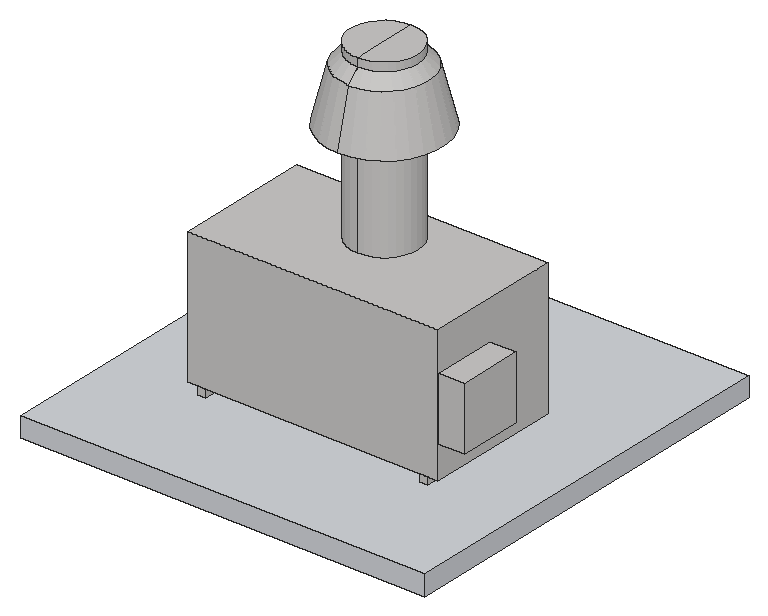
Revit family "DC_Rheem_PLM_Raypak_B1182ID", category Plumbing Fixtures, host Face, Revit 2020
Family settings
  Host = Face
  Round Connector Dimension = Use Radius
  Part Type = Normal
  Cut with Voids When Loaded = No
  Shared = No
  Room Calculation Point = No
Parameters (values of type "Raypak - Gas Water Heater- Indoor - 1186 MJ/h  Natural gas, modulating gas control")
  Width_ANZRS = 825 mm
  URL = "http://www.rheem.com.au/CommercialProducts"
  Type Comments = "Recovery 4558L/h @ 50°C rise\r\n"
  Materials_ANZRS = Raypak - Grey Powder Coated Steel
  PRV_ANZRS = 15 mm
  Model = "B1182NCM/ID\r\n"
  Manufacturer = "Raypak\r\n"
  HotWaterOutletRadius_ANZRS = 32.5 mm
  HotWaterOutletDiameter_ANZRS = HotWaterOutletRadius_ANZRS * 2  # 65 mm
  Height_ANZRS = 1915 mm
  GasInletRadius_ANZRS = 20 mm
  GasInletHeight_ANZRS = 410 mm
  GasInletDiameter_ANZRS = GasInletRadius_ANZRS * 2  # 40 mm
  DesignBy_ANZRS = "Design Content ©"
  Description = "Raypak - Gas Water Heater- Indoor - 1186 MJ/h  Natural gas, modulating gas control"
  Default Elevation = 0 mm
  ConnectionHeight_ANZRS = 755 mm
  ColdWaterInletRadius_ANZRS = 32.5 mm
  ColdWaterInletDiameter_ANZRS = ColdWaterInletRadius_ANZRS * 2  # 65 mm
  BoxHeight_ANZRS = 860 mm
  Author_ANZRS = "DM"
  Assembly Code = ""
Types (5, lengths in mm): name | URL | Type Comments | Model | HotWaterOutletRadius_ANZRS | HotWaterOutletDiameter_ANZRS | GasInletRadius_ANZRS | GasInletDiameter_ANZRS | Description
  (no name) | "http://www.rheem.com.au/downloads/PDF/Raypak_Mechanical_Heating_Brochure_July_09.pdf\r\n" | "Recovery 4128L/h @ 50°C rise\r\n" | "B1182PCO/ID\r\n" | 32.5 | 65 | 16 | 32 | "Raypak - Gas Water Heater- Indoor - 1090 MJ/h  Propane gas, On/Off gas control\r\n"
  Raypak - Gas Water Heater- Indoor - 1186 MJ/h  Natural gas, modulating gas control | "http://www.rheem.com.au/CommercialProducts" | "Recovery 4558L/h @ 50°C rise\r\n" | "B1182NCM/ID\r\n" | 32.5 | 65 | 20 | 40 | "Raypak - Gas Water Heater- Indoor - 1186 MJ/h  Natural gas, modulating gas control"
  Raypak - Gas Water Heater- Indoor - 1186 MJ/h  Natural gas, On/Off gas control | "http://www.rheem.com.au/CommercialProducts" | "Recovery 4558L/h @ 50°C rise\r\n" | "B1182NCO/ID\r\n" | 32.5 | 65 | 20 | 40 | "Raypak - Gas Water Heater- Indoor - 1186 MJ/h  Natural gas, On/Off gas control\r\n"
  Raypak - Gas Water Heater- Indoor - 1090 MJ/h  Propane gas, modulating gas control | "http://www.rheem.com.au/CommercialProducts" | "Recovery 4128L/h @ 50°C rise\r\n" | "B1182PCM/ID\r\n" | 32 | 64 | 10 | 20 | "Raypak - Gas Water Heater- Indoor - 1090 MJ/h  Propane gas, modulating gas control\r\n"
  Raypak - Gas Water Heater- Indoor - 1090 MJ/h  Propane gas, On/Off gas control | "http://www.rheem.com.au/CommercialProducts" | "Recovery 4128L/h @ 50°C rise\r\n" | "B1182PCO/ID\r\n" | 32.5 | 65 | 16 | 32 | "Raypak - Gas Water Heater- Indoor - 1090 MJ/h  Propane gas, On/Off gas control\r\n"
Reference planes
  plane 1 "Center (Front/Back)": y = 0
  plane 2: z = 0
  plane 3 "Center (Left/Right)": x = 0
  plane 4 "H1": z = 1915
  plane 5 "H5": z = 860
  plane 6 "CD 1": z = 755
  plane 7 "CD 6": z = 410
  plane 8 "W3": y = 285
  plane 9 "W4": y = -540
  plane 10 "CD 2": y = 200
  plane 11 "CD 3": y = 135
  plane 12 "CD 4": y = -145
  plane 13 "CD 5": y = -410
  plane 14 "W1": y = 202.5
  plane 15 "W2": y = -202.5
  plane 16: x = -755
  plane 17: x = 755
  plane 18: x = -805
  plane 19 "L1": x = -695
  plane 20 "L2": x = -645
  plane 21 "L3": x = 645
  plane 22 "L4": x = 695
  plane 23: z = 45
  plane 24 "H8": z = 245
  plane 25 "H7": z = 625
  plane 26: x = 915
  plane 27 "H4": z = 1464.364
  plane 28 "H3": z = 1794.164
  plane 29 "H2": z = 1866.464
  plane 30: y = -155
Forms (mm)
  Extrusion 1, solid
    sketch origin (0, 0, 0) x (1, 0, 0) y (0, 1, 0)
      loop
        line (-1219.2, 1219.2) -> (-1219.2, -1219.2) -> (1219.2, -1219.2) -> (1219.2, 1219.2) -> (-1219.2, 1219.2)
    from 0 to -120
  Extrusion 2, solid, material "Raypak - Grey Powder Coated Steel" <- "Materials_ANZRS"
    sketch origin (0, 0, 0) x (1, 0, 0) y (0, 1, 0)
      loop
        line (-755, 285) -> (-755, -540) -> (755, -540) -> (755, 285) -> (-755, 285)
    from 45 to 860
  Revolve 3, solid, material "Raypak - Grey Powder Coated Steel" <- "Materials_ANZRS"
    sketch origin (0, 0, 105) x (0, 1, 0) y (0, 0, 1)
      loop
        line (0, 1810) -> (-202.5, 1810) -> (-202.5, 1761.464) -> (-266.851, 1689.164) -> (-349.003, 1359.364) -> (-202.5, 1359.364) -> (-202.5, 755) -> (0, 755) -> (0, 1810)
      axis (0, 1810) -> (0, 755)
    angle from 0 to 360
  Extrusion 4, void
    sketch origin (0, 0, 0) x (0, 1, 0) y (0, 0, 1)
      loop
        circle (200, 755) r 15
      loop
        circle (135, 755) r 32.5
      loop
        circle (-145, 755) r 32.5
    from -755 to -740.149
  Extrusion 5, solid, material "Raypak - Grey Powder Coated Steel" <- "Materials_ANZRS"
    sketch origin (0, 0, 0) x (0, 1, 0) y (0, 0, 1)
      loop
        circle (-410, 410) r 20
    from -805 to -755
  Extrusion 6, solid, material "Raypak - Grey Powder Coated Steel" <- "Materials_ANZRS"
    sketch origin (0, 0, 0) x (1, 0, 0) y (0, 0, 1)
      loop
        line (-645, 0) -> (-645, 45) -> (-695, 45) -> (-695, 0) -> (-645, 0)
      loop
        line (695, 0) -> (695, 45) -> (645, 45) -> (645, 0) -> (695, 0)
    from -285 to 540
  Extrusion 7, solid, material "Raypak - Grey Powder Coated Steel" <- "Materials_ANZRS"
    sketch origin (0, 0, 0) x (1, 0, 0) y (0, 0, 1)
      loop
        line (755, 625) -> (755, 245) -> (915, 245) -> (915, 625) -> (755, 625)
    from 155 to 540
Cuts and joins
  Extrusion 4 cuts Extrusion 2
Lines and regions (mm)
  Masking region 1
    outline origin (0, 0, 0) x (1, 0, 0) y (0, 1, 0)
      loop
        line (-755, -540) -> (755, -540) -> (915, -540) -> (915, -155) -> (755, -155) -> (755, 285) -> (201.441, 285)
        arc (201.441, 285) -> (105.682, 332.618) -> (0, 349.003) r 349.003
        arc (0, 349.003) -> (-105.682, 332.618) -> (-201.441, 285) r 349.003
        line (-201.441, 285) -> (-755, 285) -> (-755, -540)
  Masking region 2
    outline origin (0, 0, 0) x (0, 1, 0) y (0, 0, 1)
      loop
        line (-202.5, 1915) -> (-202.5, 1866.464) -> (-266.851, 1794.164) -> (-349.079, 1464.364) -> (-202.5, 1464.364) -> (-202.5, 860) -> (-540, 860) -> (-540, 0) -> (285, 0) -> (285, 860) -> (202.5, 860) -> (202.5, 1464.364) -> (349.079, 1464.364) -> (266.851, 1794.164) -> (202.5, 1866.464) -> (202.5, 1915) -> (-202.5, 1915)
  Masking region 3
    outline origin (0, 0, 0) x (1, 0, 0) y (0, 0, 1)
      loop
        line (-202.5, 1915) -> (-202.5, 1866.464) -> (-266.851, 1794.164) -> (-349.079, 1464.364) -> (-202.039, 1464.364) -> (-202.039, 860) -> (-755, 860) -> (-755, 45) -> (-695, 45) -> (-695, 0) -> (-645, 0) -> (-645, 45) -> (645, 45) -> (645, 0) -> (695, 0) -> (695, 45) -> (755, 45) -> (755, 245) -> (915, 245) -> (915, 625) -> (755, 625) -> (755, 860) -> (204.539, 860) -> (204.539, 1464.364) -> (349.079, 1464.364) -> (266.851, 1794.164) -> (203.249, 1866.464) -> (203.249, 1915) -> (0, 1915) -> (-202.5, 1915)
  symbolic lines, style "Rheem Raypak", detail levels fine
    curve 1: line (0, 285, 0) -> (0, 285, 860)
    curve 2: line (0, 285, 860) -> (0, -540, 860)
    curve 3: line (0, -540, 860) -> (0, -540, 0)
    curve 4: line (0, -349.079, 1464.364) -> (0, 349.079, 1464.364)
    curve 5: line (0, -202.5, 1915) -> (0, 202.5, 1915)
    curve 6: line (0, 266.851, 1794.164) -> (0, -266.851, 1794.164)
    curve 7: line (0, 202.5, 1866.464) -> (0, -202.5, 1866.464)
    curve 8: arc (0, 102.5, 755) -> (0, 135, 722.5) -> (0, 167.5, 755) r 32.5
    curve 9: arc (0, 167.5, 755) -> (0, 135, 787.5) -> (0, 102.5, 755) r 32.5
    curve 10: arc (0, 185, 755) -> (0, 200, 740) -> (0, 215, 755) r 15
    curve 11: arc (0, 215, 755) -> (0, 200, 770) -> (0, 185, 755) r 15
    curve 12: arc (0, -177.5, 755) -> (0, -145, 722.5) -> (0, -112.5, 755) r 32.5
    curve 13: arc (0, -112.5, 755) -> (0, -145, 787.5) -> (0, -177.5, 755) r 32.5
    curve 14: arc (0, -390, 410) -> (0, -410, 390) -> (0, -430, 410) r 20
    curve 15: arc (0, -430, 410) -> (0, -410, 430) -> (0, -390, 410) r 20
    curve 16: line (0, 349.079, 1464.364) -> (0, 266.851, 1794.164)
    curve 17: line (0, -266.851, 1794.164) -> (0, -349.079, 1464.364)
    curve 18: line (0, 202.5, 1866.464) -> (0, 266.851, 1794.164)
    curve 19: line (0, -266.851, 1794.164) -> (0, -202.5, 1866.464)
    curve 20: line (0, -540, 45) -> (0, 285, 45)
    curve 21: line (0, -540, 0) -> (0, 285, 0)
    curve 22: line (-202.5, 0, 1915) -> (203.249, 0, 1915)
    curve 23: line (-202.5, 0, 1866.464) -> (203.249, 0, 1866.464)
    curve 24: line (-266.851, 0, 1794.164) -> (266.851, 0, 1794.164)
    curve 25: line (-349.079, 0, 1464.364) -> (349.079, 0, 1464.364)
    curve 26: line (755, 0, 860) -> (-755, 0, 860)
    curve 27: line (-755, 0, 45) -> (755, 0, 45)
    curve 28: line (645, 0, 0) -> (695, 0, 0)
    curve 29: line (-695, 0, 0) -> (-645, 0, 0)
    curve 30: line (915, 0, 625) -> (755, 0, 625)
    curve 31: line (755, 0, 245) -> (915, 0, 245)
    curve 32: line (915, 0, 245) -> (915, 0, 625)
    curve 33: line (204.539, 0, 1464.364) -> (204.539, 0, 860)
    curve 34: line (349.079, 0, 1464.364) -> (266.851, 0, 1794.164)
    curve 35: line (203.249, 0, 1915) -> (203.249, 0, 1866.464)
    curve 36: line (-202.5, 0, 1915) -> (-202.5, 0, 1866.464)
    curve 37: line (-349.079, 0, 1464.364) -> (-266.851, 0, 1794.164)
    curve 38: line (-202.039, 0, 1464.364) -> (-202.039, 0, 860)
    curve 39: line (-695, 0, 45) -> (-695, 0, 0)
    curve 40: line (-645, 0, 0) -> (-645, 0, 45)
    curve 41: line (695, 0, 0) -> (695, 0, 45)
    curve 42: line (645, 0, 45) -> (645, 0, 0)
    curve 43: line (-805, 0, 425) -> (-805, 0, 395)
    curve 44: line (-805, 0, 425) -> (-755, 0, 425)
    curve 45: line (-805, 0, 395) -> (-755, 0, 395)
    curve 46: arc (0, -349.003, 0) -> (349.003, 0, 0) -> (0, 349.003, 0) r 349.003
    curve 47: arc (0, 349.003, 0) -> (-349.003, 0, 0) -> (0, -349.003, 0) r 349.003
    curve 48: arc (0, -202.5, 0) -> (-202.5, 0, 0) -> (0, 202.5, 0) r 202.5
    curve 49: arc (0, -266.851, 0) -> (-266.851, 0, 0) -> (0, 266.851, 0) r 266.851
    curve 50: arc (0, 202.5, 0) -> (202.5, 0, 0) -> (0, -202.5, 0) r 202.5
    curve 51: arc (0, 266.851, 0) -> (266.851, 0, 0) -> (0, -266.851, 0) r 266.851
    curve 52: line (755, 285, 0) -> (201.441, 285, 0)
    curve 53: line (-755, 285, 0) -> (-755, -540, 0)
    curve 54: line (-755, -540, 0) -> (755, -540, 0)
    curve 55: line (755, -540, 0) -> (755, 285, 0)
    curve 56: line (915, -540, 0) -> (915, -155, 0)
    curve 57: line (915, -155, 0) -> (755, -155, 0)
    curve 58: line (755, -540, 0) -> (915, -540, 0)
    curve 59: line (-805, -395, 0) -> (-805, -425, 0)
    curve 60: line (-805, -395, 0) -> (-755, -395, 0)
    curve 61: line (-805, -425, 0) -> (-755, -425, 0)
    curve 62: line (0, 202.5, 1915) -> (0, 202.5, 1866.464)
    curve 63: line (0, -202.5, 1915) -> (0, -202.5, 1866.464)
    curve 64: line (0, 202.5, 1464.364) -> (0, 202.5, 860)
    curve 65: line (0, -202.5, 1464.364) -> (0, -202.5, 860)
    curve 66: line (-755, 0, 860) -> (-755, 0, 45)
    curve 67: line (755, 0, 45) -> (755, 0, 860)
    curve 68: line (-201.441, 285, 0) -> (-755, 285, 0)
  symbolic lines, style "Rheem Raypak"
    curve 69: line (-266.851, 0, 1794.164) -> (-202.5, 0, 1866.464)
    curve 70: line (203.249, 0, 1866.464) -> (266.851, 0, 1794.164)
Dimensions and locks
  "Height_ANZRS": plane 4 "H1" to level
  "BoxHeight_ANZRS": plane 5 "H5" to level
  "ConnectionHeight_ANZRS": plane 6 "CD 1" to Extrusion 1
  "GasInletHeight_ANZRS": plane 7 "CD 6" to level
  plane 8 "W3" to plane 9 "W4" = 825 mm
  plane 8 "W3" to plane 10 "CD 2" = 85 mm
  plane 8 "W3" to plane 11 "CD 3" = 150 mm
  plane 11 "CD 3" to plane 12 "CD 4" = 280 mm
  plane 13 "CD 5" to plane 9 "W4" = 130 mm
  plane 1 "Center (Front/Back)" to plane 9 "W4" = 540 mm
  locked: plane 18 to plane 16 at 50
  plane 19 "L1" to plane 16 = 60 mm
  locked: plane 20 "L2" to plane 19 "L1" at 50
  plane 17 to plane 22 "L4" = 60 mm
  locked: plane 22 "L4" to plane 21 "L3" at 50
  plane 23 to level = 45 mm
  plane 24 "H8" to level = 245 mm
  plane 25 "H7" to plane 24 "H8" = 380 mm
  locked: plane 17 to plane 26 at 160
  plane 4 "H1" to plane 29 "H2" to plane 28 "H3" to plane 27 "H4" = 48.536 mm locked, 72.3 mm locked, 329.8 mm locked
  equal spacing: plane 17, plane 3 "Center (Left/Right)", plane 16
  plane 17 to plane 16 = 1510 mm
  "GasInletRadius_ANZRS": radius of Extrusion 5 sketch curve
  "HotWaterOutletRadius_ANZRS": radius of Extrusion 4 sketch curve
  "ColdWaterInletRadius_ANZRS": radius of Extrusion 4 sketch curve
  "PRV_ANZRS": radius of Extrusion 4 sketch curve
  aligned and locked: plane 2 to Extrusion 1
  aligned and locked: level to Extrusion 1
  aligned and locked: plane 8 "W3" to Extrusion 2 sketch curve
  aligned and locked: plane 16 to Extrusion 2 sketch curve
  aligned and locked: plane 9 "W4" to Extrusion 2 sketch curve
  aligned and locked: plane 17 to Extrusion 2 sketch curve
  aligned and locked: plane 5 "H5" to Extrusion 2
  aligned and locked: Revolve 3 sketch curve to plane 1 "Center (Front/Back)"
  aligned and locked: plane 11 "CD 3" to Extrusion 4 sketch curve
  aligned and locked: plane 10 "CD 2" to Extrusion 4 sketch curve
  aligned and locked: plane 6 "CD 1" to Extrusion 4 sketch curve  (x3)
  aligned and locked: Extrusion 4 to plane 16
  aligned and locked: plane 7 "CD 6" to Extrusion 5 sketch curve
  aligned and locked: plane 13 "CD 5" to Extrusion 5 sketch curve
  aligned and locked: plane 16 to Extrusion 5
  aligned and locked: Extrusion 5 to plane 18
  aligned and locked: Extrusion 2 to plane 23
  aligned and locked: level to Extrusion 6 sketch curve  (x2)
  aligned and locked: Extrusion 6 sketch curve to plane 20 "L2"
  aligned and locked: Extrusion 6 sketch curve to plane 23  (x2)
  aligned and locked: plane 19 "L1" to Extrusion 6 sketch curve
  aligned and locked: Extrusion 6 sketch curve to plane 22 "L4"
  aligned and locked: plane 21 "L3" to Extrusion 6 sketch curve
  aligned and locked: Extrusion 6 to plane 8 "W3"
  aligned and locked: Extrusion 6 to plane 9 "W4"
  aligned and locked: Extrusion 7 sketch curve to plane 25 "H7"
  aligned and locked: Extrusion 7 sketch curve to plane 26
  aligned and locked: Extrusion 7 sketch curve to plane 24 "H8"
  aligned and locked: cut or joined group of Extrusion 2, Extrusion 4 to Extrusion 7 sketch curve
  aligned and locked: Extrusion 7 to plane 9 "W4"
  aligned and locked: plane 12 "CD 4" to Extrusion 4 sketch curve
  aligned and locked: Revolve 3 sketch curve to plane 4 "H1"
  aligned and locked: plane 5 "H5" to Revolve 3 sketch curve
  aligned and locked: plane 27 "H4" to Revolve 3 sketch curve
  aligned and locked: plane 29 "H2" to Revolve 3 sketch curve
  aligned and locked: curve 1 to cut or joined group of Extrusion 2, Extrusion 4
  aligned and locked: curve 2 to cut or joined group of Extrusion 2, Extrusion 4
  aligned and locked: curve 3 to cut or joined group of Extrusion 2, Extrusion 4
  aligned and locked: curve 4 to Revolve 3
  aligned and locked: Revolve 3 to curve 5
  aligned and locked: curve 6 to Revolve 3
  aligned and locked: Revolve 3 to curve 7
  aligned and locked: curve 8 to cut or joined group of Extrusion 2, Extrusion 4
  aligned and locked: curve 9 to cut or joined group of Extrusion 2, Extrusion 4
  aligned and locked: curve 10 to cut or joined group of Extrusion 2, Extrusion 4
  aligned and locked: curve 11 to cut or joined group of Extrusion 2, Extrusion 4
  aligned and locked: curve 12 to cut or joined group of Extrusion 2, Extrusion 4
  aligned and locked: curve 13 to cut or joined group of Extrusion 2, Extrusion 4
  aligned and locked: curve 14 to Extrusion 5
  aligned and locked: curve 15 to Extrusion 5
  aligned: Revolve 3 to curve 17
  aligned and locked: Revolve 3 to curve 19
  aligned and locked: curve 20 to cut or joined group of Extrusion 2, Extrusion 4
  aligned and locked: curve 21 to Extrusion 6
  aligned and locked: curve 22 to Revolve 3
  aligned and locked: curve 23 to plane 29 "H2"
  aligned and locked: curve 24 to plane 28 "H3"
  aligned and locked: curve 25 to Revolve 3
  aligned and locked: curve 26 to cut or joined group of Extrusion 2, Extrusion 4
  aligned and locked: curve 27 to cut or joined group of Extrusion 2, Extrusion 4
  aligned and locked: curve 28 to Extrusion 6
  aligned and locked: curve 29 to Extrusion 6
  aligned and locked: curve 30 to Extrusion 7
  aligned and locked: curve 31 to Extrusion 7
  aligned and locked: curve 32 to Extrusion 7
  aligned and locked: plane 5 "H5" to curve 38
  aligned and locked: plane 27 "H4" to curve 38
  aligned and locked: curve 39 to Extrusion 6
  aligned and locked: curve 40 to Extrusion 6
  aligned and locked: curve 41 to Extrusion 6
  aligned and locked: curve 42 to Extrusion 6
  aligned and locked: Extrusion 5 to curve 43
  aligned and locked: curve 46 to Revolve 3
  aligned and locked: curve 47 to Revolve 3
  aligned and locked: curve 48 to Revolve 3
  aligned and locked: curve 49 to Revolve 3
  aligned and locked: curve 50 to Revolve 3
  aligned and locked: curve 51 to Revolve 3
  aligned and locked: curve 52 to cut or joined group of Extrusion 2, Extrusion 4
  aligned and locked: curve 53 to cut or joined group of Extrusion 2, Extrusion 4
  aligned and locked: curve 54 to cut or joined group of Extrusion 2, Extrusion 4
  aligned and locked: curve 55 to cut or joined group of Extrusion 2, Extrusion 4
  aligned and locked: curve 56 to Extrusion 7
  aligned and locked: curve 57 to Extrusion 7
  aligned and locked: curve 58 to Extrusion 7
  aligned and locked: Extrusion 5 to curve 59
  aligned: curve 62 to Revolve 3
  aligned: curve 63 to Revolve 3
  aligned and locked: plane 14 "W1" to curve 64
  aligned and locked: curve 65 to plane 15 "W2"
  aligned and locked: Masking region 1 sketch curve to curve 54
  aligned and locked: Masking region 1 sketch curve to curve 58
  aligned and locked: Masking region 1 sketch curve to curve 56
  aligned and locked: Masking region 1 sketch curve to curve 57
  aligned and locked: curve 55 to Masking region 1 sketch curve
  aligned and locked: Masking region 1 sketch curve to curve 52
  aligned and locked: Masking region 1 sketch curve to curve 47
  aligned and locked: Masking region 1 sketch curve to curve 46
  aligned and locked: Masking region 1 sketch curve to curve 68
  aligned and locked: Masking region 1 sketch curve to curve 53
  aligned and locked: plane 28 "H3" to Revolve 3 sketch curve
  aligned and locked: plane 15 "W2" to Revolve 3 sketch curve
  aligned and locked: Masking region 2 sketch curve to curve 5
  aligned and locked: Masking region 2 sketch curve to curve 62
  aligned and locked: Masking region 2 sketch curve to curve 18
  aligned and locked: Masking region 2 sketch curve to curve 16
  aligned and locked: Masking region 2 sketch curve to curve 4
  aligned and locked: Masking region 2 sketch curve to curve 17
  aligned and locked: Masking region 2 sketch curve to curve 19
  aligned and locked: Masking region 2 sketch curve to curve 63
  aligned and locked: Masking region 2 sketch curve to curve 64
  aligned and locked: Masking region 2 sketch curve to curve 65
  aligned and locked: Masking region 2 sketch curve to curve 1
  aligned and locked: Masking region 2 sketch curve to curve 2
  aligned and locked: Masking region 2 sketch curve to curve 3
  aligned and locked: Masking region 2 sketch curve to curve 21
  aligned and locked: Masking region 3 sketch curve to Revolve 3  (x3)
  aligned and locked: Masking region 3 sketch curve to curve 36
  aligned and locked: Masking region 3 sketch curve to curve 69
  aligned and locked: Masking region 3 sketch curve to curve 37
  aligned and locked: Masking region 3 sketch curve to curve 38
  aligned and locked: Masking region 3 sketch curve to cut or joined group of Extrusion 2, Extrusion 4  (x4)
  aligned and locked: Masking region 3 sketch curve to Extrusion 6  (x6)
  aligned and locked: Masking region 3 sketch curve to Extrusion 7  (x3)
  aligned and locked: Masking region 3 sketch curve to curve 33
  aligned and locked: Revolve 3 to Masking region 3 sketch curve
  aligned and locked: Masking region 3 sketch curve to curve 34
  aligned and locked: Masking region 3 sketch curve to curve 70
  aligned and locked: Masking region 3 sketch curve to curve 35
Automatic sketch dimensions
  Extrusion 1 sketch curve to Extrusion 1 sketch curve = 2438.4 mm  (x2)
  Masking region 1 sketch curve to plane 17 = 0 mm
  Revolve 3 sketch curve to plane 1 "Center (Front/Back)" = 0 mm
  Revolve 3 sketch curve to plane 13 "CD 5" = 60.997 mm
  Revolve 3 sketch curve to Revolve 3 sketch curve = 310 mm
  Revolve 3 sketch curve to Revolve 3 sketch curve = 130 mm
  Revolve 3 sketch curve to plane 15 "W2" = 0 mm
  Revolve 3 sketch curve to plane 15 "W2" = 64.351 mm
  curve 20 to plane 9 "W4" = 0 mm
  curve 17 to plane 27 "H4" = 0 mm
  curve 7 to plane 15 "W2" = 0 mm
  curve 18 to plane 14 "W1" = 0 mm
  curve 16 to plane 28 "H3" = 0 mm
  curve 1 to level = 0 mm
  curve 1 to plane 8 "W3" = 0 mm
  curve 65 to plane 5 "H5" = 0 mm
  curve 19 to plane 29 "H2" = 0 mm
  curve 5 to plane 4 "H1" = 0 mm
  curve 17 to plane 13 "CD 5" = 60.921 mm
  curve 6 to plane 15 "W2" = 64.351 mm
  plane 8 "W3" to curve 16 = 18.149 mm
  curve 4 to plane 8 "W3" = 64.079 mm
  Masking region 2 sketch curve to plane 27 "H4" = 0 mm
  Masking region 2 sketch curve to plane 5 "H5" = 0 mm
  Masking region 3 sketch curve to plane 3 "Center (Left/Right)" = 0 mm
  Masking region 3 sketch curve to plane 29 "H2" = 0 mm
  Masking region 3 sketch curve to plane 27 "H4" = 0 mm
  Masking region 3 sketch curve to plane 5 "H5" = 0 mm
  plane 17 to Masking region 3 sketch curve = 0 mm
  Masking region 3 sketch curve to plane 23 = 0 mm  (x2)
  curve 43 to plane 18 = 0 mm
  curve 27 to plane 16 = 0 mm
  curve 39 to plane 19 "L1" = 0 mm
  curve 40 to level = 0 mm
  curve 40 to plane 20 "L2" = 0 mm
  curve 22 to plane 4 "H1" = 0 mm
  curve 42 to plane 21 "L3" = 0 mm
  curve 28 to level = 0 mm
  curve 28 to plane 22 "L4" = 0 mm
  plane 17 to curve 27 = 0 mm
  curve 32 to plane 25 "H7" = 0 mm
  curve 32 to plane 26 = 0 mm
  curve 42 to plane 23 = 0 mm
  curve 31 to plane 24 "H8" = 0 mm
  plane 20 "L2" to curve 25 = 295.921 mm
  curve 69 to plane 3 "Center (Left/Right)" = 266.851 mm
  curve 24 to curve 69 = 64.351 mm
  curve 38 to plane 3 "Center (Left/Right)" = 202.039 mm
  plane 3 "Center (Left/Right)" to curve 70 = 203.249 mm
  plane 3 "Center (Left/Right)" to curve 33 = 204.539 mm
  curve 23 to curve 34 = 63.602 mm
  curve 33 to curve 34 = 144.539 mm
  curve 45 to plane 7 "CD 6" = 15 mm
  plane 7 "CD 6" to curve 44 = 15 mm
  curve 59 to plane 18 = 0 mm
  curve 60 to plane 16 = 0 mm
  plane 8 "W3" to curve 68 = 0 mm
  plane 8 "W3" to curve 52 = 0 mm
  curve 52 to plane 17 = 0 mm
  curve 57 to plane 26 = 0 mm
  curve 54 to plane 9 "W4" = 0 mm
  curve 57 to plane 30 = 0 mm
  plane 13 "CD 5" to curve 61 = 15 mm
  curve 59 to plane 13 "CD 5" = 15 mm
Connectors
  piping at (-755, -145, 755), diameter 65, driven by "ColdWaterInletRadius_ANZRS"
    settings: on cut or joined group of Extrusion 2, Extrusion 4, index 1, connector inside diameter 2.55906", connector length 0 mm, flow factor 0, pipe flow 0 GPM, pressure drop 0.00 psi, fitting loss kfactor 0, connector angle 0.00°, fixture units 0, engagement length 0 mm, angle of deflection 0.00°, flow configuration 1, flow direction 1, fitting loss method 0, system type 20, joint type 0, gender type 0, connector reference index -1, connector utility 0, adjustable connector no, is connector primary yes, connector description ""
  piping at (-755, 135, 755), diameter 65, driven by "HotWaterOutletRadius_ANZRS"
    settings: on cut or joined group of Extrusion 2, Extrusion 4, index 2, connector inside diameter 2.55906", connector length 0 mm, flow factor 0, pipe flow 0 GPM, pressure drop 0.00 psi, fitting loss kfactor 0, connector angle 0.00°, fixture units 0, engagement length 0 mm, angle of deflection 0.00°, flow configuration 1, flow direction 2, fitting loss method 0, system type 19, joint type 0, gender type 0, connector reference index -1, connector utility 0, adjustable connector no, is connector primary no, connector description ""
  piping at (-805, -410, 410), diameter 40, driven by "GasInletRadius_ANZRS"
    settings: on Extrusion 5, index 3, connector inside diameter 1.25984", connector length 0 mm, flow factor 0, pipe flow 0 GPM, pressure drop 0.00 psi, fitting loss kfactor 0, connector angle 0.00°, fixture units 0, engagement length 0 mm, angle of deflection 0.00°, flow configuration 1, flow direction 1, fitting loss method 0, system type 22, joint type 0, gender type 0, connector reference index -1, connector utility 0, adjustable connector no, is connector primary no, connector description "Gas"
  piping at (-755, 200, 755), diameter 30
    settings: on cut or joined group of Extrusion 2, Extrusion 4, index 4, connector inside diameter 1.1811", connector length 0 mm, flow factor 0, pipe flow 0 GPM, pressure drop 0.00 psi, fitting loss kfactor 0, connector angle 0.00°, fixture units 0, engagement length 0 mm, angle of deflection 0.00°, flow configuration 1, flow direction 2, fitting loss method 0, system type 22, joint type 0, gender type 0, connector reference index -1, connector utility 0, adjustable connector no, is connector primary no, connector description "PRV"
